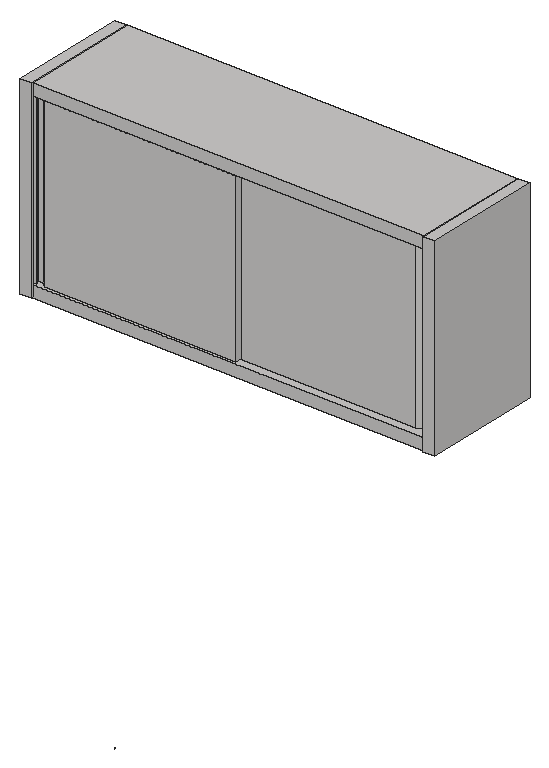
Revit family "QF_ELECTROLUXPROFESSIONAL_132923_SPS14LCN", category Attrezzature speciali, Revit 2020
Family settings
  Quota connettore circolare = Usa diametro
  Tipo di parte = Normale
  Basato su piano di lavoro = No
  Sempre verticale = No
  Taglio con vuoti quando caricato = No
  Condiviso = No
  Punto di calcolo locali = No
Parameters (values of type "Standard")
  Weight = 31.00 kg
  Watts = 0 W
  Volts = 0 V
  URL Manufacturer = "https://www.electroluxprofessional.com/"
  URL = "https://www.electroluxprofessional.com/"
  Steam Supply Size = 0 mm
  Steam Supply Minimum Pressure = 0.0 Pa
  Steam Supply Maximum Pressure = 0.0 Pa
  Steam Consumption per Hour = 0
  Refrigeration Suction Line Size = 0.0 mm
  Refrigeration Liquid Line Size = 0.0 mm
  Refrigerant Compressor Remote = yes
  Prospetto di default = 0.0 mm
  Phase = 0
  Modello = "SPS14LCN"
  Produttore = "Electrolux Professional"
  Length Actual = 1400.0 mm  # constant formula
  Item Number = "132923"
  Hot Water Size = 0 mm
  Height Actual = 650.0 mm  # constant formula
  HP = "0 HP"
  Gas Size = 0 mm
  Gas KW = 0
  Gas Input Pressure = 0 W
  Direct Waste Size = 0 mm
  Descrizione = "WALL CUPBOARD W/2 SLIDING DOORS 1400MM"
  Depth Actual = 400.0 mm  # constant formula
  Cycle = 0 Hz
  Condensate Return Size = 0 mm
  Compressed Air Volume = 0.0 L/s
  Compressed Air Size = 0 mm
  Compressed Air Pressure = 0.0 Pa
  Cold Water Size = 0 mm
  Accessory = yes
Reference planes
  plane 1 "Center (Front/Back)": y = 0
  plane 2: z = 0
  plane 3 "Center (Left/Right)": x = -300
  plane 4 "LEFT": x = -1000
  plane 5 "RIGHT": x = 400
  plane 6 "BACK": y = 200
  plane 7 "FRONT": y = -200
  plane 8 "Base": z = 2200
  plane 9 "BASE": z = 1550
  plane 10: x = -960
  plane 11: x = 360
  plane 12: y = -197
  plane 13: y = 150
Forms (mm)
  Extrusion 1, solid, material "QF_Finishes_Stainless Steel"
    sketch origin (0, 0, 1550) x (-1, 0, 0) y (0, -1, 0)
      loop
        line (1000, -200) -> (1000, 200) -> (960, 200) -> (960, -200) -> (1000, -200)
      loop
        line (-360, -200) -> (-360, 200) -> (-400, 200) -> (-400, -200) -> (-360, -200)
    from 0 to 650
  Extrusion 2, solid, material "QF_Finishes_Stainless Steel"
    sketch origin (0, 0, 1550) x (-1, 0, 0) y (0, -1, 0)
      loop
        line (960, -150) -> (960, 197) -> (-360, 197) -> (-360, -150) -> (960, -150)
    from 0 to 40
  Extrusion 3, solid, material "QF_Finishes_Stainless Steel"
    sketch origin (0, 0, 0) x (1, 0, 0) y (0, 1, 0)
      loop
        line (-960, -197) -> (360, -197) -> (360, 200) -> (-960, 200) -> (-960, -197)
    from 2160 to 2200
  Extrusion 4, solid, material "QF_Finishes_Stainless Steel"
    sketch origin (0, 0, 1550) x (-1, 0, 0) y (0, -1, 0)
      loop
        line (960, -200) -> (960, -150) -> (-360, -150) -> (-360, -200) -> (960, -200)
    from 610 to 0
  Extrusion 5, solid, material "QF_Finishes_Stainless Steel"
    sketch origin (0, 0, 0) x (1, 0, 0) y (0, 1, 0)
      loop
        line (-273.481, -197) -> (-273.481, -177) -> (-957, -177) -> (-957, -197) -> (-947, -197) -> (-947, -194) -> (-954, -194) -> (-954, -182) -> (-937, -182) -> (-917, -197) -> (-273.481, -197)
    from 1597 to 2160
  Extrusion 6, solid, material "QF_Finishes_Stainless Steel"
    sketch origin (0, 0, 0) x (1, 0, 0) y (0, 1, 0)
      loop
        line (-326.5, -177) -> (317, -177) -> (337, -162) -> (354, -162) -> (354, -174) -> (347, -174) -> (347, -177) -> (357, -177) -> (357, -157) -> (-326.5, -157) -> (-326.5, -177)
    from 2160 to 1597
  Extrusion 7, solid, material "QF_Finishes_Stainless Steel"
    sketch origin (0, 0, 0) x (1, 0, 0) y (0, 1, 0)
      loop
        line (-1000, 200) -> (-1000, 199) -> (-999, 199) -> (-999, 200) -> (-1000, 200)
    from 0 to 1
Lines and regions (mm)
  symbolic lines, style "SpecialityEquipment"
    curve 1: line (400, 200, 0) -> (-1000, 200, 0)
    curve 2: line (400, -200, 0) -> (400, 200, 0)
    curve 3: line (-1000, -204.5, 0) -> (-1000, 200, 0)
    curve 4: line (-1000, -200, 0) -> (-962, -200, 0)
    curve 5: line (362, -200, 0) -> (400, -200, 0)
    curve 7: line (362, -197, 0) -> (-962, -197, 0)
    curve 12: line (-914.985, -211.008, 0) -> (-914.038, -209.239, 0)
  symbolic lines, style "SpecialityEquipmentHiddenLines"
    curve 6: line (362, -200, 0) -> (362, -197, 0)
    curve 8: line (-962, -197, 0) -> (-962, -200, 0)
    curve 9: line (360, -157, 0) -> (-326.5, -157, 0)
    curve 10: line (-326.5, -157, 0) -> (-326.5, -177, 0)
    curve 11: line (317, -177, 0) -> (-957, -177, 0)
    curve 13: line (-273.5, -177, 0) -> (-273.5, -197, 0)
    curve 14: line (-957, -177, 0) -> (-957, -182, 0)
    curve 15: line (-937, -182, 0) -> (-954, -182, 0)
  symbolic lines
    curve 16: line (-1000, 200, 0) -> (400, -200, 0)
    curve 17: line (400, 200, 0) -> (-1000, -200, 0)
    curve 18: line (-937, -182, 0) -> (-917, -197, 0)
    curve 19: line (-954, -182, 0) -> (-954, -194, 0)
    curve 20: line (-954, -194, 0) -> (-947, -194, 0)
    curve 21: line (-947, -194, 0) -> (-947, -197, 0)
    curve 22: line (357, -157, 0) -> (357, -177, 0)
    curve 23: line (357, -177, 0) -> (347, -177, 0)
    curve 24: line (347, -177, 0) -> (347, -174, 0)
    curve 25: line (347, -174, 0) -> (354, -174, 0)
    curve 26: line (354, -174, 0) -> (354, -162, 0)
    curve 27: line (354, -162, 0) -> (337, -162, 0)
    curve 28: line (317, -177, 0) -> (337, -162, 0)
Dimensions and locks
  plane 4 "LEFT" to plane 5 "RIGHT" = 1400.0 mm
  equal spacing: plane 4 "LEFT", plane 3 "Center (Left/Right)", plane 5 "RIGHT"
  plane 6 "BACK" to plane 7 "FRONT" = 400.0 mm
  equal spacing: plane 6 "BACK", plane 1 "Center (Front/Back)", plane 7 "FRONT"
  plane 9 "BASE" to level = 1550.0 mm
  locked: plane 4 "LEFT" to plane 10 at 40
  locked: plane 11 to plane 5 "RIGHT" at 40
  plane 12 to plane 7 "FRONT" = 3.0 mm
  plane 6 "BACK" to plane 13 = 50.0 mm
  locked: plane 8 "Base" to plane 9 "BASE" at 650
  aligned and locked: level to plane 2
  aligned and locked: plane 8 "Base" to Extrusion 1
  aligned and locked: plane 6 "BACK" to Extrusion 1 sketch curve
  aligned and locked: Extrusion 1 sketch curve to plane 6 "BACK"
  aligned and locked: plane 7 "FRONT" to Extrusion 1 sketch curve
  aligned and locked: Extrusion 1 sketch curve to plane 7 "FRONT"
  aligned and locked: plane 10 to Extrusion 1
  aligned and locked: Extrusion 1 to plane 11
  aligned and locked: Extrusion 2 to plane 10
  aligned and locked: plane 11 to Extrusion 2
  aligned and locked: plane 8 "Base" to Extrusion 3
  aligned and locked: Extrusion 2 to plane 12
  aligned and locked: Extrusion 2 to plane 13
  aligned and locked: Extrusion 3 to plane 12
  aligned and locked: plane 10 to Extrusion 4 sketch curve
  aligned and locked: Extrusion 4 sketch curve to plane 11
  aligned and locked: Extrusion 4 sketch curve to plane 6 "BACK"
  aligned and locked: Extrusion 4 sketch curve to plane 13
  aligned and locked: Extrusion 4 to Extrusion 3
  aligned and locked: Extrusion 4 to plane 9 "BASE"
  aligned and locked: plane 6 "BACK" to Extrusion 3
Automatic sketch dimensions
  Extrusion 1 sketch curve to plane 5 "RIGHT" = 0.0 mm
  Extrusion 1 sketch curve to plane 11 = 0.0 mm
  Extrusion 1 sketch curve to plane 10 = 0.0 mm
  Extrusion 1 sketch curve to plane 4 "LEFT" = 0.0 mm
  Extrusion 2 sketch curve to plane 11 = 0.0 mm
  Extrusion 2 sketch curve to plane 10 = 0.0 mm
  plane 13 to Extrusion 2 sketch curve = 0.0 mm
  Extrusion 2 sketch curve to plane 12 = 0.0 mm
  Extrusion 3 sketch curve to plane 6 "BACK" = 0.0 mm
  Extrusion 3 sketch curve to plane 10 = 0.0 mm
  Extrusion 3 sketch curve to plane 11 = 0.0 mm
  Extrusion 3 sketch curve to plane 12 = 0.0 mm
  Extrusion 5 sketch curve to plane 12 = 0.0 mm  (x2)
  plane 10 to Extrusion 5 sketch curve = 3.0 mm
  Extrusion 5 sketch curve to Extrusion 5 sketch curve = 3.0 mm
  Extrusion 5 sketch curve to Extrusion 5 sketch curve = 7.0 mm
  Extrusion 5 sketch curve to Extrusion 5 sketch curve = 10.0 mm
  plane 3 "Center (Left/Right)" to Extrusion 5 sketch curve = 26.519 mm
  plane 12 to Extrusion 5 sketch curve = 3.0 mm
  Extrusion 5 sketch curve to Extrusion 5 sketch curve = 12.0 mm
  Extrusion 5 sketch curve to Extrusion 5 sketch curve = 20.0 mm  (x2)
  Extrusion 5 sketch curve to Extrusion 5 sketch curve = 0.0 mm
  Extrusion 6 sketch curve to plane 3 "Center (Left/Right)" = 26.5 mm
  plane 12 to Extrusion 6 sketch curve = 20.0 mm  (x2)
  Extrusion 6 sketch curve to plane 11 = 43.0 mm
  Extrusion 6 sketch curve to plane 11 = 23.0 mm
  Extrusion 6 sketch curve to plane 11 = 13.0 mm
  Extrusion 6 sketch curve to plane 11 = 6.0 mm
  Extrusion 6 sketch curve to plane 11 = 3.0 mm
  Extrusion 6 sketch curve to Extrusion 6 sketch curve = 3.0 mm
  Extrusion 6 sketch curve to Extrusion 6 sketch curve = 12.0 mm
  Extrusion 6 sketch curve to Extrusion 6 sketch curve = 20.0 mm
  curve 1 to plane 4 "LEFT" = 0.0 mm
  curve 4 to plane 7 "FRONT" = 0.0 mm
  curve 9 to plane 11 = 0.0 mm
  curve 6 to plane 12 = 0.0 mm
  curve 2 to plane 5 "RIGHT" = 0.0 mm
  curve 16 to plane 7 "FRONT" = 0.0 mm
  curve 17 to plane 7 "FRONT" = 0.0 mm
  curve 17 to plane 6 "BACK" = 0.0 mm
  curve 8 to plane 10 = 2.0 mm
  plane 10 to curve 11 = 3.0 mm
  plane 10 to curve 19 = 6.0 mm
  plane 12 to curve 20 = 3.0 mm
  curve 19 to curve 20 = 7.0 mm
  curve 20 to curve 15 = 10.0 mm
  curve 18 to curve 15 = 0.0 mm
  curve 15 to curve 18 = 20.0 mm
  curve 12 to plane 7 "FRONT" = 11.008 mm
  curve 18 to curve 12 = 2.015 mm
  curve 12 to plane 7 "FRONT" = 9.239 mm
  curve 12 to curve 12 = 0.948 mm
  curve 10 to plane 3 "Center (Left/Right)" = 26.5 mm
  plane 3 "Center (Left/Right)" to curve 13 = 26.5 mm
  curve 28 to plane 11 = 43.0 mm
  curve 28 to plane 11 = 23.0 mm
  curve 24 to plane 11 = 13.0 mm
  curve 25 to plane 11 = 6.0 mm
  curve 22 to curve 9 = 3.0 mm
  plane 11 to curve 5 = 2.0 mm
  curve 3 to curve 17 = 4.5 mm
  curve 14 to curve 15 = 0.0 mm
  plane 12 to curve 23 = 20.0 mm
  curve 14 to curve 14 = 5.0 mm
  curve 23 to curve 24 = 3.0 mm
  curve 25 to curve 27 = 12.0 mm
  curve 26 to curve 22 = 5.0 mm
  Extrusion 7 sketch curve to plane 4 "LEFT" = 0.0 mm
  Extrusion 7 sketch curve to plane 6 "BACK" = 0.0 mm
  plane 4 "LEFT" to Extrusion 7 sketch curve = 1.0 mm
  Extrusion 7 sketch curve to Extrusion 7 sketch curve = 1.0 mm
